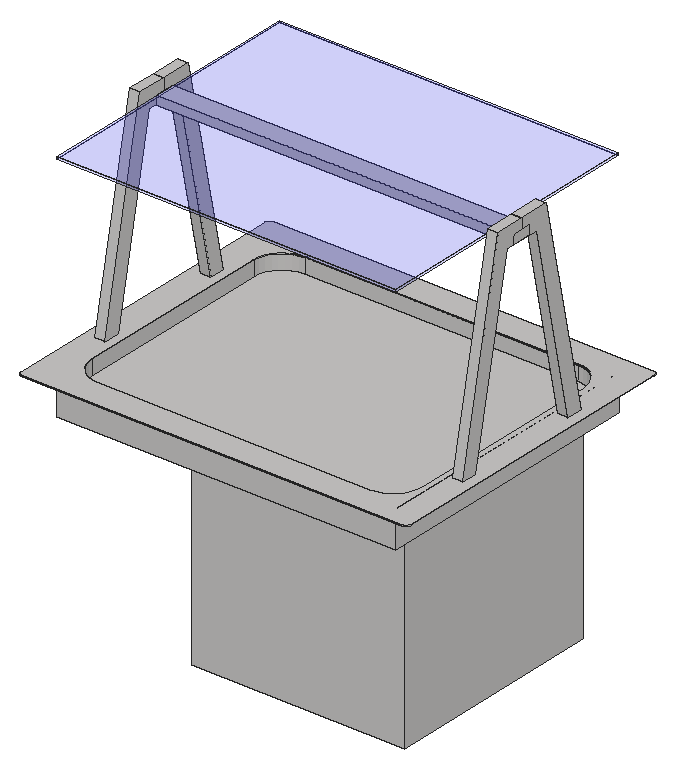
Revit family "QF_ELECTROLUXPROFESSIONAL_341171_D14C2O", category Attrezzature speciali, Revit 2020
Family settings
  Quota connettore circolare = Usa diametro
  Tipo di parte = Normale
  Basato su piano di lavoro = No
  Sempre verticale = Sì
  Taglio con vuoti quando caricato = No
  Condiviso = No
  Punto di calcolo locali = No
Parameters (values of type "Standard")
  Weight = 50.76 kg
  Watts = 0 W
  Volts = 220 V
  URL Manufacturer = "https://www.electroluxprofessional.com/"
  URL = "https://www.electroluxprofessional.com/"
  Steam Supply Size = 0 mm
  Steam Supply Minimum Pressure = 0.0 Pa
  Steam Supply Maximum Pressure = 0.0 Pa
  Steam Consumption per Hour = 0
  Refrigeration Suction Line Size = 0 mm
  Refrigeration Liquid Line Size = 0 mm
  Refrigerant Compressor Remote = yes
  Prospetto di default = 0 mm
  Produttore = "Electrolux Professional"
  Phase = 1
  Modello = "D14C2O"
  Length Actual = 770 mm  # constant formula
  Item Number = "341171"
  Hot Water Size = 0 mm
  Height Actual = 794 mm  # constant formula
  HP = "0 HP"
  Gas Size = 0 mm
  Gas KW = 0
  Gas Input Pressure = 0 W
  Direct Waste Size = 0 mm
  Descrizione = "DROP-IN REFRIGERATED S/S SURFACE, 2GN WITH A TYPE OVERSHELF AND LED LIGHT"
  Depth Actual = 620 mm  # constant formula
  Cycle = 50 Hz
  Condensate Return Size = 0 mm
  Compressed Air Volume = 0.0 L/s
  Compressed Air Size = 0 mm
  Compressed Air Pressure = 0.0 Pa
  Cold Water Size = 0 mm
  Accessory = yes
Reference planes
  plane 1 "BACK": y = 0
  plane 2: z = 5.426
  plane 3 "LEFT": x = 0
  plane 4: y = -620
  plane 5: z = 409.426
  plane 6: y = -310
  plane 7: x = 1100
Forms (mm)
  Extrusion 1, solid, material "QF_Finishes_Stainless Steel"
    sketch origin (0, 0, 5.426) x (1, 0, 0) y (0, 1, 0)
      loop
        arc (10, 0) -> (2.929, -2.929) -> (0, -10) r 10
        line (0, -10) -> (0, -610)
        arc (0, -610) -> (2.929, -617.071) -> (10, -620) r 10
        line (10, -620) -> (760, -620)
        arc (760, -620) -> (767.071, -617.071) -> (770, -610) r 10
        line (770, -610) -> (770, -10)
        arc (770, -10) -> (767.071, -2.929) -> (760, 0) r 10
        line (760, 0) -> (10, 0)
    from 0 to 1
  Extrusion 2, solid, material "QF_Finishes_Stainless Steel"
    sketch origin (0, 0, 10.548) x (1, 0, 0) y (0, 1, 0)
      loop
        line (50, -35) -> (50, -585) -> (720, -585) -> (720, -35) -> (50, -35)
    from -77.122 to -5.122
  Extrusion 3, void
    sketch origin (0, 0, -2.817) x (1, 0, 0) y (0, 1, 0)
      loop
        arc (115, -55) -> (76.109, -71.109) -> (60, -110) r 55
        line (60, -110) -> (60, -510)
        arc (60, -510) -> (76.109, -548.891) -> (115, -565) r 55
        line (115, -565) -> (655, -565)
        arc (655, -565) -> (693.891, -548.891) -> (710, -510) r 55
        line (710, -510) -> (710, -110)
        arc (710, -110) -> (693.891, -71.109) -> (655, -55) r 55
        line (655, -55) -> (115, -55)
    from -21.077 to 9.244
  Extrusion 4, solid, material "QF_Finishes_Stainless Steel"
    sketch origin (21.5, -620, 0) x (0, -1, 0) y (0, 0, -1)
      loop
        line (-310, -409.426) -> (-250.873, -409.426) -> (-165, -5.426) -> (-195, -5.426) -> (-272.583, -370.426) -> (-310, -370.426) -> (-310, -409.426)
    from 0 to 20
  Extrusion 5, solid, material "QF_Finishes_Stainless Steel"
    sketch origin (21.5, 0, 0) x (0, 1, 0) y (0, 0, 1)
      loop
        line (-310, 409.426) -> (-310, 370.426) -> (-272.583, 370.426) -> (-195, 5.426) -> (-165, 5.426) -> (-250.873, 409.426) -> (-310, 409.426)
    from 0 to 20
  Extrusion 6, solid, material "QF_Finishes_Stainless Steel"
    sketch origin (748, -620, 0) x (0, -1, 0) y (0, 0, 1)
      loop
        line (-310, 409.426) -> (-310, 370.426) -> (-272.583, 370.426) -> (-195, 5.426) -> (-165, 5.426) -> (-250.873, 409.426) -> (-310, 409.426)
    from 0 to 20
  Extrusion 7, solid, material "QF_Finishes_Stainless Steel"
    sketch origin (748, 0, 0) x (0, 1, 0) y (0, 0, -1)
      loop
        line (-310, -409.426) -> (-250.873, -409.426) -> (-165, -5.426) -> (-195, -5.426) -> (-272.583, -370.426) -> (-310, -370.426) -> (-310, -409.426)
    from 0 to 20
  Extrusion 8, solid, material "QF_Finishes_Stainless Steel"
    sketch origin (0, 0, 0) x (0, 1, 0) y (0, 0, 1)
      loop
        line (-291.292, 370.426) -> (-291.292, 387.956) -> (-328.917, 387.956) -> (-328.917, 370.426) -> (-291.292, 370.426)
    from 21.5 to 748
  Extrusion 9, solid, material "Vetro"
    sketch origin (0, 0, 5.426) x (1, 0, 0) y (0, 1, 0)
      loop
        line (50, -35) -> (50, -585) -> (720, -585) -> (720, -35) -> (50, -35)
    from 382.529 to 387.529
  Extrusion 10, solid, material "QF_Finishes_Stainless Steel"
    sketch origin (522.814, -169.308, -136.88) x (1, 0, 0) y (0, 1, 0)
      loop
        circle (-372.814, -140.692) r 12.7
    from 5 to 70.307
  Extrusion 11, solid, material "QF_Finishes_Stainless Steel"
    sketch origin (-628.186, 0, 0) x (1, 0, 0) y (0, 0, 1)
      loop
        line (1313.186, -66.574) -> (893.186, -66.574) -> (893.186, -459.574) -> (1313.186, -459.574) -> (1313.186, -66.574)
    from 79.471 to 519.252
Cuts and joins
  Extrusion 3 cuts Extrusion 1
  Extrusion 3 cuts Extrusion 2
Dimensions and locks
  equal spacing: Extrusion 1, Extrusion 2 sketch curve, Extrusion 2 sketch curve, Extrusion 1  (x2)
  Extrusion 1 to Extrusion 1 = 770 mm
  Extrusion 1 to plane 1 "BACK" = 620 mm
  equal spacing: Extrusion 2, Extrusion 3 sketch curve, Extrusion 3 sketch curve, Extrusion 2  (x2)
  plane 5 to plane 2 = 404 mm
  aligned and locked: level to plane 2
Connectors
  piping at (150, -310, -131.88), diameter 25.4
    settings: on Extrusion 10, index 5, connector inside diameter 609.6 mm, connector length 0 mm, flow factor 0, pipe flow 0.0 L/s, pressure drop 0.0 Pa, fitting loss kfactor 0, connector angle 0.00°, fixture units 0, engagement length 0 mm, angle of deflection 0.00°, flow configuration 0, flow direction 0, fitting loss method 0, system type 29, joint type 0, gender type 0, connector reference index -1, connector utility 0, adjustable connector no, is connector primary yes, connector description "D"
